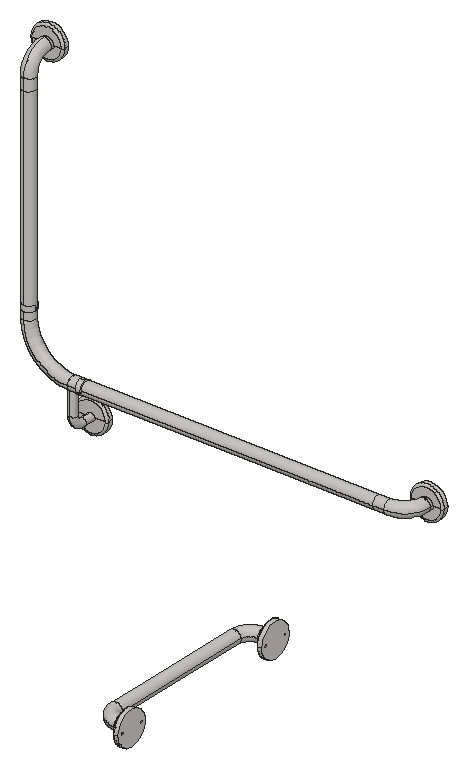
Revit family "RBA4901-346", category Plumbing Fixtures, Revit 2021
Family settings
  Round Connector Dimension = Use Diameter
  Part Type = Normal
  Work Plane-Based = No
  Always vertical = No
  Cut with Voids When Loaded = No
  Shared = No
  Room Calculation Point = No
Parameters
  Watermarked By = "www.rba.com.au"
  URL = "rba.com.au/product-category/accessible-disabled/grab-rails/"
  Phone Number = "1300 788 778"
  OFFSET = 800.00 mm
  Model = "RBA4901-346"
  Materials and Finishes = Stainless Steel Satin Finish
  Manufacturer Model = ""
  Manufacturer = "RBA Group"
  Distance Away from Wall [instance] = 100.00 mm
  Distance Away from Toilet [instance] = 1090.00 mm
  Description = "Steri+Shield™ RH Accessible Rail + 450mm Straight Kit | Satin Finish"
  Default Elevation = 0.00 mm
  Copyrighted by = "RBA Group"  # constant formula
  Assembly Code = ""
Reference planes
  plane 1 "Center (Front/Back)": y = 0
  plane 2: z = 0
  plane 3: x = 40.5
  plane 4: z = 800
  plane 5: x = 1090.5
  plane 6: x = 990.5
  plane 7: x = 140.5
  plane 8: z = 700
  plane 9: z = 1500
  plane 10: y = -86
  plane 11: y = -54
  plane 12: y = -1074
  plane 13: y = -1090
  plane 14: x = 1035.5
  plane 15: x = 1003.5
  plane 16: z = 816
  plane 17: x = 56.5
  plane 18: x = 46.5
Dimensions and locks
  "OFFSET": plane 4 to plane 2
  plane 11 to plane 1 "Center (Front/Back)" = 54.00 mm
  plane 10 to plane 1 "Center (Front/Back)" = 86.00 mm
  "Distance Away from Wall": plane 6 to plane 5
  locked: plane 12 to plane 13 at 16
  "Distance Away from Toilet": plane 13 to plane 1 "Center (Front/Back)"
Nested families
  nested 1: "RBA4901-911" at (-656, 0, 800), type "RBA4901-911"
  nested 2: "RBA4901-Straight-Series" at (1090.5, -1074, 800) x (0, 1, 0) z (0, 0, -1), type "RBA4901-045"
Definition of nested family "RBA4901-911"
  Parameters (values of type "RBA4901-911")
    Watermarked By = "www.rba.com.au"
    URL = "www.rba.com.au"
    R_Void [instance] = 15.00 mm
    R [instance] = 0.00 mm
    Phone Number = ""
    Modified Issue = ""
    Model = "RBA4901-911"
    Materials and Finishes = none
    Manufacturer Model = "B819436"
    Manufacturer = "RBA Group"
    Description = "Steri+Shield™ Accessible 90° Grab Rail, RH, Satin"
    Default Elevation = 0.00 mm
    Copyrighted by = "RBA Group"  # constant formula
    Assembly Code = ""
  Reference planes
    plane 1 "Center (Front/Back)": y = 0
    plane 2: z = 0
    plane 3: x = 40.5
    plane 4: x = 990.5
    plane 5: x = 515.5
    plane 6: z = 700
    plane 7: x = 835.5
    plane 8: z = -100
    plane 9: x = 974.5
    plane 10: z = 16
    plane 11: y = -70
    plane 12: y = -86
    plane 13: y = -54
    plane 14: y = -79.5
    plane 15: y = -60.5
    plane 16: z = -30
    plane 17: z = 30
    plane 18: x = 1606.5
    plane 19: x = 1666.5
    plane 20: z = 670
    plane 21: z = 730
    plane 22: x = 716.5
    plane 23: x = 656.5
    plane 24: z = -130
    plane 25: z = -70
    plane 26: x = 766.5
    plane 27: x = 826.5
  Forms (mm)
    Extrusion 1, solid
      sketch origin (1636.5, -2.628, 315.907) x (0, 0, -1) y (-1, 0, 0)
        loop
          circle (315.907, 0) r 40
      from -0.219 to 2.628
    Revolve 2, solid
      sketch origin (1636.5, 18.663, 0) x (0, -1, 0) y (1, 0, 0)
        loop
          line (18.663, 0) -> (33.701, 0) -> (32.842, 36.617)
          arc (32.842, 36.617) -> (31.337, 40.077) -> (27.844, 41.5) r 5
          line (27.844, 41.5) -> (18.663, 41.5) -> (18.663, 0)
        axis (18.663, 0) -> (33.701, 0)
      angle from 0 to 360
    Extrusion 3, void
      sketch origin (1636.5, 34.941, 315.907) x (0, 0, -1) y (-1, 0, 0)
        loop
          circle (315.907, 30) r 5
        loop
          circle (315.907, -30) r 5
      from -37.788 to -30
    Sweep 4, solid
      path origin (1636.5, 12.454, 0) x (0, -1, 0) y (-1, 0, 0)
        loop
          line (12.454, 0) -> (34.454, 0)
          arc (34.454, 0) -> (68.395, 14.059) -> (82.454, 48) r 48
          line (82.454, 48) -> (82.454, 76)
      profile origin (1636.5, -11, 0) x (1, 0, 0) y (0, 0, 1)
        loop
          circle (0, 0) r 16
    Extrusion 5, solid
      sketch origin (686.5, -2.628, 1015.907) x (0, 0, -1) y (-1, 0, 0)
        loop
          circle (315.907, 0) r 40
      from -0.219 to 2.628
    Extrusion 6, void
      sketch origin (686.5, 34.941, 1015.907) x (0, 0, -1) y (-1, 0, 0)
        loop
          circle (315.907, -30) r 5
        loop
          circle (315.907, 30) r 5
      from -37.788 to -30
    Sweep 7, solid
      path origin (-13.5, 12.454, 700) x (0, -1, 0) y (0, 0, -1)
        loop
          line (12.454, 0) -> (34.454, 0)
          arc (34.454, 0) -> (68.395, 14.059) -> (82.454, 48) r 48
          line (82.454, 48) -> (82.454, 76)
      profile origin (-13.5, -11, 700) x (0, 0, -1) y (1, 0, 0)
        loop
          circle (0, 700) r 16
    Revolve 8, solid
      sketch origin (686.5, 18.663, 700) x (0, -1, 0) y (1, 0, 0)
        loop
          line (18.663, 0) -> (18.663, -41.5) -> (27.844, -41.5)
          arc (27.844, -41.5) -> (31.337, -40.077) -> (32.842, -36.617) r 5
          line (32.842, -36.617) -> (33.701, 0) -> (18.663, 0)
        axis (18.663, 0) -> (33.701, 0)
      angle from 0 to 360
    Sweep 9, solid
      path origin (1677, 0, 0) x (-1, 0, 0) y (0, 0, -1)
        loop
          line (116.5, 0) -> (880.5, 0)
          arc (880.5, 0) -> (958.282, -32.218) -> (990.5, -110) r 110
          line (990.5, -110) -> (990.5, -624)
      profile origin (1178.5, 0, 0) x (0, 0, -1) y (0, -1, 0)
        loop
          circle (0, 70) r 16
    Extrusion 10, solid
      sketch origin (796.5, -2.628, 215.907) x (0, 0, -1) y (-1, 0, 0)
        loop
          circle (315.907, 0) r 40
      from -0.219 to 2.628
    Revolve 11, solid
      sketch origin (796.5, 18.663, -100) x (0, -1, 0) y (1, 0, 0)
        loop
          line (18.663, 0) -> (33.701, 0) -> (32.842, 36.617)
          arc (32.842, 36.617) -> (31.337, 40.077) -> (27.844, 41.5) r 5
          line (27.844, 41.5) -> (18.663, 41.5) -> (18.663, 0)
        axis (18.663, 0) -> (33.701, 0)
      angle from 0 to 360
    Sweep 12, solid
      path origin (796.5, 12.454, -100) x (0, -1, 0) y (0, 0, 1)
        loop
          line (12.454, 0) -> (54.454, 0)
          arc (54.454, 0) -> (74.253, 8.201) -> (82.454, 28) r 28
          line (82.454, 28) -> (82.454, 100)
      profile origin (796.5, -21, -100) x (0, 0, 1) y (-1, 0, 0)
        loop
          circle (0, 0) r 9.5
    Extrusion 13, void
      sketch origin (796.5, 34.941, 215.907) x (0, 0, -1) y (-1, 0, 0)
        loop
          circle (315.907, 30) r 5
        loop
          circle (315.907, -30) r 5
      from -37.788 to -30
    Extrusion 14, solid
      sketch origin (1677, 0, 0) x (-1, 0, 0) y (0, -1, 0)
        loop
          circle (990.5, 70) r 17
      from 142 to 130
    Extrusion 15, solid
      sketch origin (1026.5, 0, 990.5) x (0, 0, -1) y (0, -1, 0)
        loop
          circle (990.5, 70) r 17
      from 210 to 198
  Cuts and joins
    Extrusion 3 cuts Extrusion 1
    Extrusion 3 cuts Revolve 2
    Extrusion 6 cuts Extrusion 5
    Extrusion 6 cuts Revolve 8
    Extrusion 13 cuts Extrusion 10
    Extrusion 13 cuts Revolve 11
    joined: Sweep 4, Sweep 7, Sweep 9
  Dimensions and locks
    level to plane 8 = 100.00 mm
    plane 6 to level = 700.00 mm
    plane 4 to plane 7 = 155.00 mm
    plane 4 to plane 3 = 950.00 mm
    Revolve 2 sketch curve to Revolve 2 sketch curve = 41.50 mm
    plane 17 to plane 16 = 60.00 mm
    plane 18 to plane 19 = 60.00 mm
    plane 21 to plane 20 = 60.00 mm
    plane 23 to plane 22 = 60.00 mm
    Revolve 8 sketch curve to Revolve 8 sketch curve = 41.50 mm
    Revolve 11 sketch curve to Revolve 11 sketch curve = 41.50 mm
    plane 25 to plane 24 = 60.00 mm
    plane 26 to plane 27 = 60.00 mm
    radius of Extrusion 1 sketch curve = 40.00 mm
    radius of Sweep 4 sketch curve = 16.00 mm
    radius of Extrusion 5 sketch curve = 40.00 mm
    radius of Sweep 7 sketch curve = 16.00 mm
    radius of Extrusion 10 sketch curve = 40.00 mm
    radius of Sweep 12 sketch curve = 9.50 mm
    aligned and locked: Revolve 2 to Extrusion 1
    aligned and locked: Revolve 11 to Extrusion 10
Definition of nested family "RBA4901-Straight-Series"
  Parameters (values of type "RBA4901-045")
    Watermarked By = "www.rba.com.au"
    URL = "www.rba.com.au"
    Phone Number = ""
    OFFSET [instance] = 800.00 mm
    Modified Issue = "20191004.01"
    Model = "RBA4000-045"
    Materials & Finishes = none
    Manufacturer = "RBA Group"  # constant formula
    Lgth = 450.00 mm
    Diameter = 32.00 mm
    Description = "Straight Grab Rail 450mm"
    Default Elevation = 0.00 mm
    Copyright by = "RBA Group"  # constant formula
  Types (9, lengths in mm): name | URL | Phone Number | Modified Issue | Model | Lgth | Description
    RBA4901-040 | "www.rba.com.au" | "" | "20191108.1" | "RBA4000-040" | 400.00 | "Straight Grab Rail 400mm"
    RBA4901-120 | "http://www.rba.com.au/accessible-disabled/grab-rails" | "1300 788 778" | "20191004.01" | "RBA4000-120" | 1200.00 | "Straight Grab Rail 1200mm"
    RBA4901-100 | "http://www.rba.com.au/accessible-disabled/grab-rails" | "1300 788 778" | "20191004.01" | "RBA4000-100" | 1000.00 | "Straight Grab Rail 1000mm"
    RBA4901-080 | "http://www.rba.com.au/accessible-disabled/grab-rails" | "1300 788 778" | "20191004.01" | "RBA4000-080" | 800.00 | "Straight Grab Rail 800mm"
    RBA4901-090 | "www.rba.com.au" | "" | "20191004.01" | "RBA4000-090" | 900.00 | "Straight Grab Rail 900mm"
    RBA4901-070 | "www.rba.com.au" | "" | "20191004.01" | "RBA4000-075" | 700.00 | "Straight Grab Rail 750mm"
    RBA4901-060 | "www.rba.com.au" | "" | "" | "RBA4901-Straight-Series" | 600.00 | "Steri+ShieldTM Straight Grab Rail, Satin"
    RBA4901-045 | "www.rba.com.au" | "" | "20191004.01" | "RBA4000-045" | 450.00 | "Straight Grab Rail 450mm"
    RBA4901-030 | "www.rba.com.au" | "" | "20190510.1" | "RBA4000-030" | 300.00 | "Straight Grab Rail 300mm"
  Reference planes
    plane 1 "Center (Front/Back)": y = 0
    plane 2: z = 0
    plane 3 "Center (Left/Right)": x = 0
    plane 4: x = 0
    plane 5: x = 0
    plane 6: y = -57
    plane 7: y = -89
    plane 8: x = 450
    plane 9: z = 16
    plane 10: z = -16
  Forms (mm)
    Sweep 1, solid, material <- "Materials & Finishes"
      path origin (-273.954, -750, 0) x (0, -1, 0) y (1, 0, 0)
        loop
          line (-740, 723.954) -> (-719, 723.954)
          arc (-719, 723.954) -> (-690.716, 712.239) -> (-679, 683.954) r 40
          line (-679, 683.954) -> (-679, 313.954)
          arc (-679, 313.954) -> (-690.716, 285.67) -> (-719, 273.954) r 40
          line (-719, 273.954) -> (-740, 273.954)
      profile origin (225, -71, 0) x (0, -1, 0) y (0, 0, 1)
        loop
          circle (0, 0) r 16
    Extrusion 2, solid, material <- "Materials & Finishes"
      sketch origin (62.5, -2.628, -315.907) x (0, 0, 1) y (1, 0, 0)
        loop
          circle (315.907, -62.5) r 40
      from -0.206 to 2.628
    Revolve 3, solid, material <- "Materials & Finishes"
      sketch origin (62.5, 18.663, 0) x (-1, 0, 0) y (0, -1, 0)
        loop
          line (62.5, 18.663) -> (104, 18.663) -> (104, 28.968)
          arc (104, 28.968) -> (103.207, 31.014) -> (101.243, 31.992) r 3.037
          arc (101.243, 31.992) -> (81.892, 33.334) -> (62.5, 33.781) r 420.249
          line (62.5, 33.781) -> (62.5, 18.663)
        axis (62.5, 18.663) -> (62.5, 33.781)
      angle from 0 to 360
    Extrusion 4, void
      sketch origin (62.704, 34.941, -270.785) x (-0.515038, 0, 0.857167) y (0.857167, 0, 0.515038)
        loop
          circle (248.952, 111.432) r 4.75
        loop
          circle (279.854, 60.002) r 4.75
      from -37.775 to -34.941
    Extrusion 5, solid, material <- "Materials & Finishes"
      sketch origin (237.5, -2.628, -315.907) x (0, 0, 1) y (1, 0, 0)
        loop
          circle (315.907, 212.5) r 40
      from -0.206 to 2.628
    Revolve 6, solid, material <- "Materials & Finishes"
      sketch origin (237.5, 18.663, 0) x (-1, 0, 0) y (0, -1, 0)
        loop
          line (-212.5, 18.663) -> (-212.5, 33.781)
          arc (-212.5, 33.781) -> (-231.892, 33.334) -> (-251.243, 31.992) r 420.249
          arc (-251.243, 31.992) -> (-253.207, 31.014) -> (-254, 28.968) r 3.037
          line (-254, 28.968) -> (-254, 18.663) -> (-212.5, 18.663)
        axis (-212.5, 18.663) -> (-212.5, 33.781)
      angle from 0 to 360
    Extrusion 7, void
      sketch origin (362.704, 34.941, -270.785) x (-0.515038, 0, 0.857167) y (0.857167, 0, 0.515038)
        loop
          circle (202.599, 188.577) r 4.75
        loop
          circle (171.696, 240.007) r 4.75
      from -37.775 to -34.941
  Cuts and joins
    Extrusion 7 cuts Sweep 1
    Extrusion 4, Extrusion 7 cuts Extrusion 2
    Extrusion 4, Extrusion 7 cuts Revolve 3
    Extrusion 7 cuts Extrusion 5
    Extrusion 7 cuts Revolve 6
    joined: Sweep 1, Extrusion 2, Revolve 3, Extrusion 5, Revolve 6
  Dimensions and locks
    "Lgth": plane 3 "Center (Left/Right)" to plane 8
    radius of Sweep 1 sketch curve = 16.00 mm
    aligned and locked: level to plane 2
    aligned and locked: Revolve 3 to Extrusion 2
    aligned and locked: Extrusion 2 to Extrusion 4
    aligned and locked: Revolve 6 to Extrusion 5
  Automatic sketch dimensions
    Sweep 1 sketch curve to plane 8 = 0.00 mm
    Sweep 1 sketch curve to plane 3 "Center (Left/Right)" = 0.00 mm
    plane 6 to Sweep 1 sketch curve = 26.00 mm  (x2)
    Sweep 1 sketch curve to plane 6 = 14.00 mm
    plane 1 "Center (Front/Back)" to Sweep 1 sketch curve = 10.00 mm  (x2)
    Sweep 1 sketch curve to profile plane = 0.00 mm  (x2)
    Extrusion 2 sketch curve to level = 0.00 mm
    Extrusion 2 sketch curve to plane 3 "Center (Left/Right)" = 0.00 mm
    plane 1 "Center (Front/Back)" to Revolve 3 sketch curve = 0.00 mm
    Revolve 3 sketch curve to plane 3 "Center (Left/Right)" = 0.00 mm  (x2)
    plane 1 "Center (Front/Back)" to Revolve 3 sketch curve = 10.305 mm
    Revolve 3 sketch curve to plane 3 "Center (Left/Right)" = 38.463 mm
    Revolve 3 sketch curve to Revolve 3 sketch curve = 3.037 mm
    Revolve 3 sketch curve to plane 1 "Center (Front/Back)" = 405.131 mm
    Revolve 3 sketch curve to Revolve 3 sketch curve = 15.118 mm
    Revolve 3 sketch curve to plane 1 "Center (Front/Back)" = 21.537 mm
    Revolve 3 sketch curve to Revolve 3 sketch curve = 0.00 mm
    plane 6 to Revolve 3 sketch curve = 13.537 mm
    Extrusion 5 sketch curve to level = 0.00 mm
    plane 8 to Extrusion 5 sketch curve = 0.00 mm
    plane 1 "Center (Front/Back)" to Revolve 6 sketch curve = 0.00 mm
    Revolve 6 sketch curve to plane 8 = 0.00 mm  (x2)
    plane 1 "Center (Front/Back)" to Revolve 6 sketch curve = 10.305 mm
    Revolve 6 sketch curve to plane 8 = 38.463 mm
    Revolve 6 sketch curve to Revolve 6 sketch curve = 3.037 mm
    Revolve 6 sketch curve to plane 1 "Center (Front/Back)" = 405.131 mm
    Revolve 6 sketch curve to Revolve 6 sketch curve = 15.118 mm
    Revolve 6 sketch curve to plane 1 "Center (Front/Back)" = 21.537 mm
    Revolve 6 sketch curve to Revolve 6 sketch curve = 0.00 mm
    plane 6 to Revolve 6 sketch curve = 13.537 mm
    Extrusion 7 sketch curve to level = 0.00 mm  (x2)
    Extrusion 7 sketch curve to plane 8 = 30.00 mm
    Extrusion 7 sketch curve to Extrusion 7 sketch curve = 30.902 mm
    Extrusion 4 sketch curve to level = 0.00 mm  (x2)
    plane 3 "Center (Left/Right)" to Extrusion 4 sketch curve = 30.00 mm
    Extrusion 4 sketch curve to Extrusion 4 sketch curve = 30.902 mm
    radius of Extrusion 2 sketch curve = 40.00 mm
    radius of Extrusion 5 sketch curve = 40.00 mm
    radius of Extrusion 7 sketch curve = 4.75 mm  (x2)
    radius of Extrusion 4 sketch curve = 4.75 mm  (x2)
